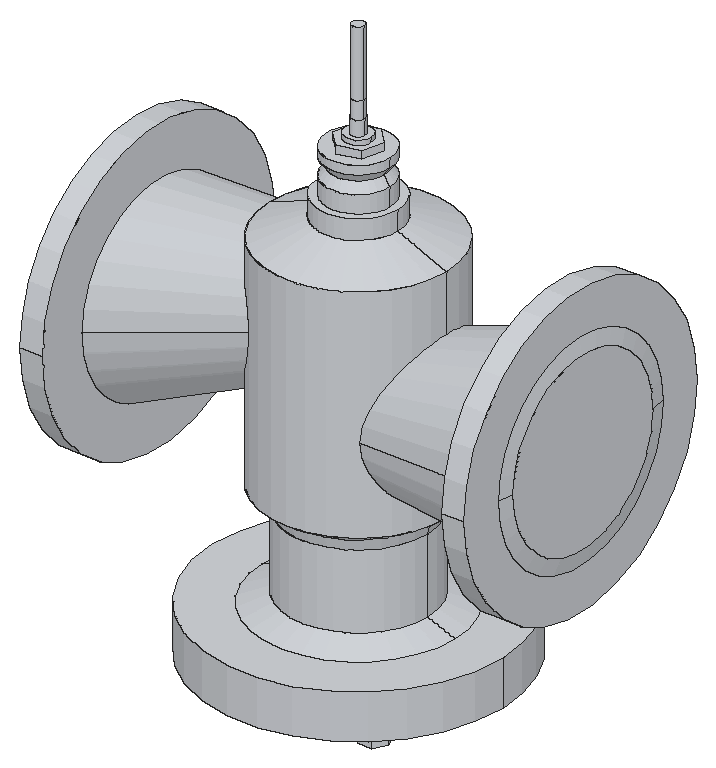
Revit family "2FGB_PN16_DN080_RFA_2018", category Pipe Accessories, Revit 2018
Family settings
  Round Connector Dimension = Use Diameter
  Part Type = Valve - Breaks Into
  Work Plane-Based = No
  Always vertical = Yes
  Cut with Voids When Loaded = No
  Shared = No
Parameters (values of type "2FGB PN16 DN080")
  magiProductId = ""
  magiProductFamilyId = ""
  magiPartTypeId = 306
  isMeasuringValve [instance] = no
  ang2D [instance] = 0.00°
  Z9 = 4.2 mm
  Z8 = 5.7 mm
  Z7 = 3 mm
  Z6 = 6 mm
  Z5 = 6 mm
  Z4 = 12 mm
  Z3 = 151.95 mm
  Z19 = 9.9 mm
  Z15 = 36.75 mm
  Z14__ve = -Z14  # -13.125 mm
  Z14 = 13.125 mm
  Z13 = 7.32 mm
  Z12 = 51.24 mm
  Z10 = 5.1 mm
  X4 = 30.6 mm
  X2__ve = -X2  # -15.3 mm
  X2 = 15.3 mm
  X1 = 2 mm
  W2D = 80 mm
  VersionID = ""
  Use Minimum Symbol Size [instance] = yes
  URL = "www.hydronix.cz"
  Type Comments = "Přírubový; EQM charakteristika; PN16; -10~+150°C"
  R9 = 4 mm
  R7 = 8.923 mm
  R6 = 14.872 mm
  R5 = 17.626 mm
  R4 = 22.032 mm
  R3 = 27.54 mm
  R2 = 49.875 mm
  R13 = 47.88 mm
  R12 = 4.685 mm
  R1 = 39.9 mm
  QmdConnectorList = "301;D;302;D"
  Productdata [instance] = "2FGB80 (DN80; PN16; kvs100)"
  Manufacturer = "Hydronix"
  Maintenance Zone Under Depth [instance] = 207 mm
  Maintenance Zone Right Depth [instance] = 175 mm
  Maintenance Zone Over Depth [instance] = 221 mm
  Maintenance Zone Left Depth [instance] = 175 mm
  Maintenance Zone Front Depth [instance] = 110 mm
  Maintenance Zone Back Depth [instance] = 110 mm
  Maintenance Zone Front Visibility [instance] = no
  LT2 = 155 mm
  L2D_Min = 3048 mm
  L2D = 310 mm
  HCDT2 = 66.5 mm
  H4 = 187 mm
  H3 = 105 mm
  H2 = 45 mm
  FDT2 = 100 mm
  Description = "2 cestný regulační ventil přírubový; DN80; PN16; kvs100; zdvih 45mm"
  D4 = 60.35 mm
  D3 = 71 mm
  D2 = 61.2 mm
  D = 80 mm
  CenSd_R6_6 = R6 * cos(30.00°)  # 12.879 mm
  CenSd_A_6 = A * cos(30.00°)  # 8.66 mm
  Clearance Zone Height Depth [instance] = 221 mm
  CZONC [instance] = 175 mm
  Clearance Zone Visibility [instance] = no
  B1 = 56.569 mm
  A = 10 mm
Types (5, lengths in mm): name | Z9 | Z8 | Z6 | Z5 | Z4 | Z3 | Z19 | Z15 | Z14__ve | Z14 | Z13 | Z12 | Z10 | X4 | X2__ve | X2 | W2D | R7 | R6 | R5 | R4 | R3 | R2 | R13 | R12 | R1 | Productdata | LT2 | L2D | HCDT2 | H4 | H3 | H2 | FDT2 | Description | D4 | D3 | D2 | D | CenSd_R6_6 | CenSd_A_6 | B1 | A
  2FGB PN16 DN100 | 4.165 | 5.602 | 5.95 | 5.95 | 11.9 | 168.575 | 9.767 | 40.775 | -14.562 | 14.562 | 8.12 | 56.84 | 5.082 | 34.6 | -17.3 | 17.3 | 100 | 10.089 | 16.816 | 19.93 | 24.912 | 31.14 | 57.375 | 55.08 | 5.297 | 45.9 | "2FGB100 (DN100; PN16; kvs130)" | 175 | 350 | 76.5 | 207 | 116.5 | 45 | 110 | "2 cestný regulační ventil přírubový; DN100; PN16; kvs130; zdvih 45mm" | 68.85 | 81 | 69.2 | 100 | 14.563 | 9.526 | 63.64 | 11
  2FGB PN16 DN080 | 4.2 | 5.7 | 6 | 6 | 12 | 151.95 | 9.9 | 36.75 | -13.125 | 13.125 | 7.32 | 51.24 | 5.1 | 30.6 | -15.3 | 15.3 | 80 | 8.923 | 14.872 | 17.626 | 22.032 | 27.54 | 49.875 | 47.88 | 4.685 | 39.9 | "2FGB80 (DN80; PN16; kvs100)" | 155 | 310 | 66.5 | 187 | 105 | 45 | 100 | "2 cestný regulační ventil přírubový; DN80; PN16; kvs100; zdvih 45mm" | 60.35 | 71 | 61.2 | 80 | 12.879 | 8.66 | 56.569 | 10
  2FGB PN16 DN065 | 4.2 | 5.7 | 6 | 6 | 12 | 139.45 | 9.9 | 33.25 | -11.875 | 11.875 | 6.82 | 47.74 | 5.1 | 28.6 | -14.3 | 14.3 | 65 | 8.34 | 13.9 | 16.474 | 20.592 | 25.74 | 44.25 | 42.48 | 4.378 | 35.4 | "2FGB65 (DN65; PN16; kvs63)" | 145 | 290 | 59 | 175 | 95 | 25 | 92.5 | "2 cestný regulační ventil přírubový; DN65; PN16; kvs63; zdvih 25mm" | 53.975 | 63.5 | 57.2 | 65 | 12.037 | 8.011 | 51.265 | 9.25
  2FGB PN16 DN150 | 4.2 | 5.7 | 6 | 6 | 12 | 227.45 | 9.9 | 54.95 | -19.625 | 19.625 | 10.97 | 76.79 | 5.1 | 47.6 | -23.8 | 23.8 | 150 | 13.88 | 23.134 | 27.418 | 34.272 | 42.84 | 77.625 | 74.52 | 7.287 | 62.1 | "2FGB150 (DN150; PN16; kvs300)" | 240 | 480 | 103.5 | 277 | 157 | 45 | 142.5 | "2 cestný regulační ventil přírubový; DN150; PN16; kvs300; zdvih 45mm" | 92.65 | 109 | 95.2 | 150 | 20.034 | 12.341 | 84.853 | 14.25
  2FGB PN16 DN125 | 4.2 | 5.7 | 6 | 6 | 12 | 196.45 | 9.9 | 48.65 | -17.375 | 17.375 | 9.22 | 64.54 | 5.1 | 39.6 | -19.8 | 19.8 | 125 | 11.547 | 19.246 | 22.81 | 28.512 | 35.64 | 68.625 | 65.88 | 6.062 | 54.9 | "2FGB125 (DN125; PN16; kvs200)" | 200 | 400 | 91.5 | 234 | 139 | 45 | 125 | "2 cestný regulační ventil přírubový; DN125; PN16; kvs200; zdvih 45mm" | 81.6 | 96 | 79.2 | 125 | 16.667 | 10.825 | 74.246 | 12.5
Reference planes
  plane 1 "Center (Front/Back)": y = 0
  plane 2 "XYPLANE": z = 0
  plane 3 "Center (Left/Right)": x = 0
  plane 4 "234": y = -56.569
  plane 5 "233": x = 56.569
  plane 6 "232": x = -56.569
  plane 7 "231": y = 56.569
  plane 8 "225": z = -177
  plane 9 "223": z = 221
  plane 10 "221": x = -175
  plane 11 "220": x = 175
  plane 12 "219": y = -110
  plane 13 "218": y = 110
  plane 14 "196": z = -207
  plane 15 "182": z = 165
  plane 16 "161": z = 153
  plane 17 "158": z = 147.3
  plane 18 "150": z = 143.1
  plane 19 "148": z = 140.1
  plane 20 "142": z = 135
  plane 21 "136": z = 129
  plane 22 "135": z = 123
  plane 23 "131": z = 117
  plane 24 "78": z = 78.75
  plane 25 "77": z = 91.875
  plane 26 "74": z = 105
  plane 27 "70": z = -73.2
  plane 28 "65": z = -80.52
  plane 29 "64": z = -87.84
  plane 30 "58": z = -139.08
  plane 31 "57": z = -146.4
  plane 32 "46": z = -187
  plane 33 "28": x = 137.7
  plane 34 "27": x = 153
  plane 35 "21": z = -20
  plane 36 "16": z = 36.75
  plane 37 "13": x = -137.7
  plane 38 "7": x = -153
  plane 39 "6": x = 155
  plane 40 "5": x = -155
  plane 41 "3": y = 0
  plane 42 "2": z = 0
  plane 43 "1": x = 0
Forms (mm)
  Extrusion 1, solid
    sketch origin (-750, 0, -187) x (1, 0, 0) y (0, 1, 0)
      loop
        line (816.569, -56.569) -> (811.569, -47.908) -> (801.569, -47.908) -> (796.569, -56.569) -> (801.569, -65.229) -> (811.569, -65.229) -> (816.569, -56.569)
    from 0 to 10
  Extrusion 2, solid
    sketch origin (-750, 0, -187) x (1, 0, 0) y (0, 1, 0)
      loop
        line (703.431, -56.569) -> (698.431, -47.908) -> (688.431, -47.908) -> (683.431, -56.569) -> (688.431, -65.229) -> (698.431, -65.229) -> (703.431, -56.569)
    from 0 to 10
  Extrusion 3, solid
    sketch origin (-750, 0, -187) x (1, 0, 0) y (0, 1, 0)
      loop
        line (816.569, 56.569) -> (811.569, 65.229) -> (801.569, 65.229) -> (796.569, 56.569) -> (801.569, 47.908) -> (811.569, 47.908) -> (816.569, 56.569)
    from 0 to 10
  Extrusion 4, solid
    sketch origin (-750, 0, -187) x (1, 0, 0) y (0, 1, 0)
      loop
        line (703.431, 56.569) -> (698.431, 65.229) -> (688.431, 65.229) -> (683.431, 56.569) -> (688.431, 47.908) -> (698.431, 47.908) -> (703.431, 56.569)
    from 0 to 10
  Blend 5, solid, visible <- "Maintenance Zone Front Visibility"
    base sketch origin (-750, 0, 221) x (1, 0, 0) y (0, 1, 0)
      loop
        line (575, 110) -> (575, -110) -> (925, -110) -> (925, 110) -> (575, 110)
    top sketch origin (-750, 0, 221) x (1, 0, 0) y (0, 1, 0)
      loop
        line (575, 110) -> (575, -110) -> (925, -110) -> (925, 110) -> (575, 110)
    from 0 to -428
  Extrusion 6, solid, visible <- "Clearance Zone Visibility"
    sketch origin (-750, 0, 0) x (1, 0, 0) y (0, 1, 0)
      loop
        circle (750, 0) r 175
    from 0 to 221 <- "Clearance Zone Height Depth"
  Extrusion 7, solid
    sketch origin (-750, 0, 143.1) x (1, 0, 0) y (0, 1, 0)
      loop
        circle (750, 0) r 4.685
    from 0 to 9.9 <- "Z19"
  Extrusion 8, solid
    sketch origin (-750, 0, 165) x (1, 0, 0) y (0, 1, 0)
      loop
        circle (750, 0) r 4
    from 0 to 45 <- "H2"
  Extrusion 9, solid
    sketch origin (-750, 0, 153) x (1, 0, 0) y (0, 1, 0)
      loop
        circle (750, 0) r 4
    from 0 to 12 <- "Z4"
  Extrusion 10, solid
    sketch origin (-750, 0, 140.1) x (1, 0, 0) y (0, 1, 0)
      loop
        circle (750, 0) r 8.923
    from 0 to 3 <- "Z7"
  Extrusion 11, solid
    sketch origin (-750, 0, 135) x (1, 0, 0) y (0, 1, 0)
      loop
        line (760.516, -10.516) -> (764.365, 3.849) -> (753.849, 14.365) -> (739.484, 10.516) -> (735.635, -3.849) -> (746.151, -14.365) -> (760.516, -10.516)
    from 0 to 5.1 <- "Z10"
  Extrusion 12, solid
    sketch origin (-750, 0, 129) x (1, 0, 0) y (0, 1, 0)
      loop
        circle (750, 0) r 22.032
    from 0 to 6 <- "Z6"
  Blend 13, solid
    base sketch origin (-750, 0, 123) x (1, 0, 0) y (0, 1, 0)
      loop
        circle (750, 0) r 17.626
    top sketch origin (-750, 0, 123) x (1, 0, 0) y (0, 1, 0)
      loop
        circle (750, 0) r 22.032
    from 0 to 6
  Blend 14, solid
    base sketch origin (-750, 0, 117) x (1, 0, 0) y (0, 1, 0)
      loop
        circle (750, 0) r 22.032
    top sketch origin (-750, 0, 117) x (1, 0, 0) y (0, 1, 0)
      loop
        circle (750, 0) r 17.626
    from 0 to 6
  Extrusion 15, solid
    sketch origin (-750, 0, 105) x (1, 0, 0) y (0, 1, 0)
      loop
        circle (750, 0) r 22.032
    from 0 to 12 <- "Z4"
  Extrusion 16, solid
    sketch origin (-750, 0, 105) x (1, 0, 0) y (0, 1, 0)
      loop
        circle (750, 0) r 27.54
    from 0 to -13.125 <- "Z14__ve"
  Blend 17, solid
    base sketch origin (-750, 0, 78.75) x (1, 0, 0) y (0, 1, 0)
      loop
        circle (750, 0) r 61.2
    top sketch origin (-750, 0, 78.75) x (1, 0, 0) y (0, 1, 0)
      loop
        circle (750, 0) r 27.54
    from 0 to 13.125
  Blend 18, solid
    base sketch origin (-750, 0, -80.52) x (1, 0, 0) y (0, 1, 0)
      loop
        circle (750, 0) r 49.875
    top sketch origin (-750, 0, -80.52) x (1, 0, 0) y (0, 1, 0)
      loop
        circle (750, 0) r 61.2
    from 0 to 7.32
  Blend 19, solid
    base sketch origin (-750, 0, -87.84) x (1, 0, 0) y (0, 1, 0)
      loop
        circle (750, 0) r 47.88
    top sketch origin (-750, 0, -87.84) x (1, 0, 0) y (0, 1, 0)
      loop
        circle (750, 0) r 49.875
    from 0 to 7.32
  Extrusion 20, solid
    sketch origin (-750, 0, -139.08) x (1, 0, 0) y (0, 1, 0)
      loop
        circle (750, 0) r 47.88
    from 0 to 51.24 <- "Z12"
  Blend 21, solid
    base sketch origin (-750, 0, -146.4) x (1, 0, 0) y (0, 1, 0)
      loop
        circle (750, 0) r 66.5
    top sketch origin (-750, 0, -146.4) x (1, 0, 0) y (0, 1, 0)
      loop
        circle (750, 0) r 47.88
    from 0 to 7.32
  Extrusion 22, solid
    sketch origin (-750, 0, -177) x (1, 0, 0) y (0, 1, 0)
      loop
        circle (750, 0) r 100
    from 0 to 30.6 <- "X4"
  Blend 23, solid
    base sketch origin (153, -750, 0) x (0, 1, 0) y (0, 0, 1)
      loop
        circle (750, 0) r 71
    top sketch origin (153, -750, 0) x (0, 1, 0) y (0, 0, 1)
      loop
        circle (750, 0) r 60.35
    from 0 to 2
  Blend 24, solid
    base sketch origin (-155, -750, 0) x (0, 1, 0) y (0, 0, 1)
      loop
        circle (750, 0) r 60.35
    top sketch origin (-155, -750, 0) x (0, 1, 0) y (0, 0, 1)
      loop
        circle (750, 0) r 71
    from 0 to 2
  Extrusion 25, solid
    sketch origin (153, -750, 0) x (0, 1, 0) y (0, 0, 1)
      loop
        circle (750, 0) r 100
    from 0 to -15.3 <- "X2__ve"
  Blend 26, solid
    base sketch origin (0, -750, 0) x (0, 1, 0) y (0, 0, 1)
      loop
        circle (750, -20) r 39.9
    top sketch origin (0, -750, 0) x (0, 1, 0) y (0, 0, 1)
      loop
        circle (750, 0) r 66.5
    from 0 to 137.7
  Extrusion 27, solid
    sketch origin (-750, 0, -73.2) x (1, 0, 0) y (0, 1, 0)
      loop
        circle (750, 0) r 61.2
    from 0 to 151.95 <- "Z3"
  Blend 28, solid
    base sketch origin (-137.7, -750, 0) x (0, 1, 0) y (0, 0, 1)
      loop
        circle (750, 0) r 66.5
    top sketch origin (-137.7, -750, 0) x (0, 1, 0) y (0, 0, 1)
      loop
        circle (750, 36.75) r 39.9
    from 0 to 137.7
  Extrusion 29, solid
    sketch origin (-153, -750, 0) x (0, 1, 0) y (0, 0, 1)
      loop
        circle (750, 0) r 100
    from 0 to 15.3 <- "X2"
  Extrusion 30, solid, not visible
    sketch origin (155, -750, 0) x (0, 1, 0) y (0, 0, 1)
      loop
        circle (750, 0) r 10
    from 0 to -10
  Extrusion 31, solid, not visible
    sketch origin (-155, -750, 0) x (0, 1, 0) y (0, 0, 1)
      loop
        circle (750, 0) r 10
    from 0 to 10
Lines and regions (mm)
  reference lines, not visible
    curve 1: circle (2, 2, 0) r 1 normal (0, 0, 1)
  reference lines
    curve 2: line (56.569, -56.569, -187) -> (53.819, -51.805, -187)
    curve 3: line (56.569, -56.569, -187) -> (51.069, -56.569, -187)
    curve 4: line (56.569, -56.569, -187) -> (53.819, -61.332, -187)
    curve 5: line (-56.569, -56.569, -187) -> (-59.319, -51.805, -187)
    curve 6: line (-56.569, -56.569, -187) -> (-62.069, -56.569, -187)
    curve 7: line (-56.569, -56.569, -187) -> (-59.319, -61.332, -187)
    curve 8: line (56.569, 56.569, -187) -> (53.819, 61.332, -187)
    curve 9: line (56.569, 56.569, -187) -> (51.069, 56.569, -187)
    curve 10: line (56.569, 56.569, -187) -> (53.819, 51.805, -187)
    curve 11: line (-56.569, 56.569, -187) -> (-59.319, 61.332, -187)
    curve 12: line (-56.569, 56.569, -187) -> (-62.069, 56.569, -187)
    curve 13: line (-56.569, 56.569, -187) -> (-59.319, 51.805, -187)
    curve 14: line (0, 0, 135) -> (2.176, 8.121, 135)
    curve 15: line (0, 0, 135) -> (-5.945, 5.945, 135)
    curve 16: line (0, 0, 135) -> (-8.121, -2.176, 135)
Dimensions and locks
  plane 1 "Center (Front/Back)" to curve 1 = 2 mm
  "B1": plane 1 "Center (Front/Back)" to plane 4 "234"
  "B1": plane 3 "Center (Left/Right)" to plane 5 "233"
  "B1": plane 3 "Center (Left/Right)" to plane 6 "232"
  "B1": plane 1 "Center (Front/Back)" to plane 7 "231"
  locked: plane 32 "46" to plane 8 "225" at 10
  "Maintenance Zone Over Depth": plane 2 "XYPLANE" to plane 9 "223"
  "Maintenance Zone Left Depth": plane 3 "Center (Left/Right)" to plane 10 "221"
  "Maintenance Zone Right Depth": plane 3 "Center (Left/Right)" to plane 11 "220"
  "Maintenance Zone Front Depth": plane 1 "Center (Front/Back)" to plane 12 "219"
  "Maintenance Zone Back Depth": plane 1 "Center (Front/Back)" to plane 13 "218"
  "Maintenance Zone Under Depth": plane 2 "XYPLANE" to plane 14 "196"
  "Z4": plane 16 "161" to plane 15 "182"
  "Z8": plane 17 "158" to plane 16 "161"
  "Z9": plane 18 "150" to plane 17 "158"
  "Z7": plane 19 "148" to plane 18 "150"
  "Z10": plane 20 "142" to plane 19 "148"
  "Z6": plane 21 "136" to plane 20 "142"
  "Z5": plane 22 "135" to plane 21 "136"
  "Z5": plane 23 "131" to plane 22 "135"
  "Z4": plane 26 "74" to plane 23 "131"
  "Z14": plane 25 "77" to plane 24 "78"
  "Z14": plane 26 "74" to plane 25 "77"
  "H3": plane 2 "XYPLANE" to plane 26 "74"
  "Z13": plane 28 "65" to plane 27 "70"
  "Z13": plane 29 "64" to plane 28 "65"
  "Z12": plane 30 "58" to plane 29 "64"
  "Z13": plane 31 "57" to plane 30 "58"
  "X4": plane 8 "225" to plane 31 "57"
  "H4": plane 2 "XYPLANE" to plane 32 "46"
  "X2": plane 34 "27" to plane 33 "28"
  "X1": plane 39 "6" to plane 34 "27"
  locked: plane 42 "2" to plane 35 "21" at 20
  "Z15": plane 42 "2" to plane 36 "16"
  "X2": plane 38 "7" to plane 37 "13"
  "X1": plane 40 "5" to plane 38 "7"
  "LT2": plane 3 "Center (Left/Right)" to plane 39 "6"
  "LT2": plane 3 "Center (Left/Right)" to plane 40 "5"
  locked: plane 1 "Center (Front/Back)" to plane 41 "3"
  locked: plane 2 "XYPLANE" to plane 42 "2"
  locked: plane 3 "Center (Left/Right)" to plane 43 "1"
  "CenSd_A_6": curve 2 to Extrusion 1 sketch curve  (x2)
  "CenSd_A_6": curve 3 to Extrusion 1 sketch curve  (x2)
  "CenSd_A_6": curve 4 to Extrusion 1 sketch curve  (x2)
  "CenSd_A_6": curve 5 to Extrusion 2 sketch curve  (x2)
  "CenSd_A_6": curve 6 to Extrusion 2 sketch curve  (x2)
  "CenSd_A_6": curve 7 to Extrusion 2 sketch curve  (x2)
  "CenSd_A_6": curve 8 to Extrusion 3 sketch curve  (x2)
  "CenSd_A_6": curve 9 to Extrusion 3 sketch curve  (x2)
  "CenSd_A_6": curve 10 to Extrusion 3 sketch curve  (x2)
  "CenSd_A_6": curve 11 to Extrusion 4 sketch curve  (x2)
  "CenSd_A_6": curve 12 to Extrusion 4 sketch curve  (x2)
  "CenSd_A_6": curve 13 to Extrusion 4 sketch curve  (x2)
  "CenSd_R6_6": curve 14 to Extrusion 11 sketch curve  (x2)
  "CenSd_R6_6": curve 15 to Extrusion 11 sketch curve  (x2)
  "CenSd_R6_6": curve 16 to Extrusion 11 sketch curve  (x2)
  "CZONC": radius of Extrusion 6 sketch curve
  "R12": radius of Extrusion 7 sketch curve
  "R9": radius of Extrusion 8 sketch curve
  "R9": radius of Extrusion 9 sketch curve
  "R7": radius of Extrusion 10 sketch curve
  "R4": radius of Extrusion 12 sketch curve
  "R4": radius of Blend 13 sketch curve
  "R5": radius of Blend 13 sketch curve
  "R5": radius of Blend 14 sketch curve
  "R4": radius of Blend 14 sketch curve
  "R4": radius of Extrusion 15 sketch curve
  "R3": radius of Extrusion 16 sketch curve
  "R3": radius of Blend 17 sketch curve
  "D2": radius of Blend 17 sketch curve
  "D2": radius of Blend 18 sketch curve
  "R2": radius of Blend 18 sketch curve
  "R2": radius of Blend 19 sketch curve
  "R13": radius of Blend 19 sketch curve
  "R13": radius of Extrusion 20 sketch curve
  "R13": radius of Blend 21 sketch curve
  "HCDT2": radius of Blend 21 sketch curve
  "FDT2": radius of Extrusion 22 sketch curve
  "D4": radius of Blend 23 sketch curve
  "D3": radius of Blend 23 sketch curve
  "D3": radius of Blend 24 sketch curve
  "D4": radius of Blend 24 sketch curve
  "FDT2": radius of Extrusion 25 sketch curve
  "HCDT2": radius of Blend 26 sketch curve
  "R1": radius of Blend 26 sketch curve
  "D2": radius of Extrusion 27 sketch curve
  "R1": radius of Blend 28 sketch curve
  "HCDT2": radius of Blend 28 sketch curve
  "FDT2": radius of Extrusion 29 sketch curve
  locked: curve 3 to curve 2 (angle 60.00°)
  locked: curve 4 to curve 3 (angle 60.00°)
  locked: curve 4 to curve 2 (angle 120.00°)
  locked: curve 6 to curve 5 (angle 60.00°)
  locked: curve 7 to curve 6 (angle 60.00°)
  locked: curve 7 to curve 5 (angle 120.00°)
  locked: curve 9 to curve 8 (angle 60.00°)
  locked: curve 10 to curve 9 (angle 60.00°)
  locked: curve 10 to curve 8 (angle 120.00°)
  locked: curve 12 to curve 11 (angle 60.00°)
  locked: curve 13 to curve 12 (angle 60.00°)
  locked: curve 13 to curve 11 (angle 120.00°)
  locked: curve 15 to curve 14 (angle 60.00°)
  locked: curve 16 to curve 15 (angle 60.00°)
  locked: curve 16 to curve 14 (angle 120.00°)
  aligned and locked: level to plane 2 "XYPLANE"
  aligned and locked: plane 4 "234" to curve 2
  aligned and locked: plane 5 "233" to curve 2
  aligned and locked: plane 4 "234" to curve 5
  aligned and locked: plane 6 "232" to curve 5
  aligned and locked: plane 5 "233" to curve 8
  aligned and locked: plane 7 "231" to curve 8
  aligned and locked: plane 6 "232" to curve 11
  aligned and locked: plane 7 "231" to curve 11
  aligned and locked: plane 13 "218" to Blend 5 sketch curve  (x4)
  aligned and locked: plane 12 "219" to Blend 5 sketch curve  (x4)
  aligned and locked: plane 10 "221" to Blend 5 sketch curve  (x4)
  aligned and locked: plane 11 "220" to Blend 5 sketch curve  (x4)
  aligned and locked: Blend 5 to plane 14 "196"
  aligned and locked: plane 41 "3" to Extrusion 6 sketch curve
  aligned and locked: plane 43 "1" to Extrusion 6 sketch curve
  aligned and locked: plane 41 "3" to Extrusion 7 sketch curve
  aligned and locked: plane 43 "1" to Extrusion 7 sketch curve
  aligned and locked: plane 41 "3" to Extrusion 8 sketch curve
  aligned and locked: plane 43 "1" to Extrusion 8 sketch curve
  aligned and locked: plane 41 "3" to Extrusion 9 sketch curve
  aligned and locked: plane 43 "1" to Extrusion 9 sketch curve
  aligned and locked: plane 41 "3" to Extrusion 10 sketch curve
  aligned and locked: plane 43 "1" to Extrusion 10 sketch curve
  aligned and locked: plane 41 "3" to curve 14
  aligned and locked: plane 43 "1" to curve 14
  aligned and locked: plane 41 "3" to Extrusion 12 sketch curve
  aligned and locked: plane 43 "1" to Extrusion 12 sketch curve
  aligned and locked: plane 41 "3" to Blend 13 sketch curve  (x2)
  aligned and locked: plane 43 "1" to Blend 13 sketch curve  (x2)
  aligned and locked: plane 21 "136" to Blend 13
  aligned and locked: plane 41 "3" to Blend 14 sketch curve  (x2)
  aligned and locked: plane 43 "1" to Blend 14 sketch curve  (x2)
  aligned and locked: plane 22 "135" to Blend 14
  aligned and locked: plane 41 "3" to Extrusion 15 sketch curve
  aligned and locked: plane 43 "1" to Extrusion 15 sketch curve
  aligned and locked: plane 41 "3" to Extrusion 16 sketch curve
  aligned and locked: plane 43 "1" to Extrusion 16 sketch curve
  aligned and locked: plane 41 "3" to Blend 17 sketch curve  (x2)
  aligned and locked: plane 43 "1" to Blend 17 sketch curve  (x2)
  aligned and locked: plane 25 "77" to Blend 17
  aligned and locked: plane 41 "3" to Blend 18 sketch curve  (x2)
  aligned and locked: plane 43 "1" to Blend 18 sketch curve  (x2)
  aligned and locked: plane 27 "70" to Blend 18
  aligned and locked: plane 41 "3" to Blend 19 sketch curve  (x2)
  aligned and locked: plane 43 "1" to Blend 19 sketch curve  (x2)
  aligned and locked: plane 28 "65" to Blend 19
  aligned and locked: plane 41 "3" to Extrusion 20 sketch curve
  aligned and locked: plane 43 "1" to Extrusion 20 sketch curve
  aligned and locked: plane 41 "3" to Blend 21 sketch curve  (x2)
  aligned and locked: plane 43 "1" to Blend 21 sketch curve  (x2)
  aligned and locked: plane 30 "58" to Blend 21
  aligned and locked: plane 41 "3" to Extrusion 22 sketch curve
  aligned and locked: plane 43 "1" to Extrusion 22 sketch curve
  aligned and locked: Blend 23 sketch curve to plane 41 "3"  (x2)
  aligned and locked: plane 42 "2" to Blend 23 sketch curve  (x2)
  aligned and locked: plane 39 "6" to Blend 23
  aligned and locked: Blend 24 sketch curve to plane 41 "3"  (x2)
  aligned and locked: plane 42 "2" to Blend 24 sketch curve  (x2)
  aligned and locked: plane 38 "7" to Blend 24
  aligned and locked: Extrusion 25 sketch curve to plane 41 "3"
  aligned and locked: plane 42 "2" to Extrusion 25 sketch curve
  aligned and locked: Blend 26 sketch curve to plane 41 "3"  (x2)
  aligned and locked: plane 42 "2" to Blend 26 sketch curve
  aligned and locked: plane 35 "21" to Blend 26 sketch curve
  aligned and locked: plane 33 "28" to Blend 26
  aligned and locked: plane 41 "3" to Extrusion 27 sketch curve
  aligned and locked: plane 43 "1" to Extrusion 27 sketch curve
  aligned and locked: plane 36 "16" to Blend 28 sketch curve
  aligned and locked: plane 41 "3" to Blend 28 sketch curve
  aligned and locked: Blend 28 sketch curve to plane 41 "3"
  aligned and locked: plane 42 "2" to Blend 28 sketch curve
  aligned and locked: plane 43 "1" to Blend 28
  aligned and locked: Extrusion 29 sketch curve to plane 41 "3"
  aligned and locked: plane 42 "2" to Extrusion 29 sketch curve
  aligned and locked: Extrusion 30 sketch curve to plane 41 "3"
  aligned and locked: plane 42 "2" to Extrusion 30 sketch curve
  aligned and locked: Extrusion 31 sketch curve to plane 41 "3"
  aligned and locked: plane 42 "2" to Extrusion 31 sketch curve
Automatic sketch dimensions
  plane 1 "Center (Front/Back)" to curve 16 = 2.176 mm
  plane 1 "Center (Front/Back)" to Extrusion 30 sketch curve = 10 mm
  plane 1 "Center (Front/Back)" to Extrusion 31 sketch curve = 10 mm
  plane 3 "Center (Left/Right)" to curve 1 = 2 mm
  radius of curve 1 = 1 mm
Connectors
  piping at (-155, 0, 0), diameter 80, driven by "D"
    settings: on Extrusion 31, index 1, connector inside diameter 609.6 mm, connector length 0 mm, flow factor 0, pipe flow 0.0 L/s, pressure drop 0.0 Pa, fitting loss kfactor 0, connector angle 0.00°, fixture units 0, engagement length 0 mm, angle of deflection 0.00°, flow configuration 0, flow direction 0, fitting loss method 0, system type 29, joint type 0, gender type 0, connector reference index 2, connector utility 0, adjustable connector no, is connector primary yes, connector description ""
  piping at (155, 0, 0), diameter 80, driven by "D"
    settings: on Extrusion 30, index 2, connector inside diameter 609.6 mm, connector length 0 mm, flow factor 0, pipe flow 0.0 L/s, pressure drop 0.0 Pa, fitting loss kfactor 0, connector angle 0.00°, fixture units 0, engagement length 0 mm, angle of deflection 0.00°, flow configuration 0, flow direction 0, fitting loss method 0, system type 29, joint type 0, gender type 0, connector reference index 1, connector utility 0, adjustable connector no, is connector primary no, connector description ""
